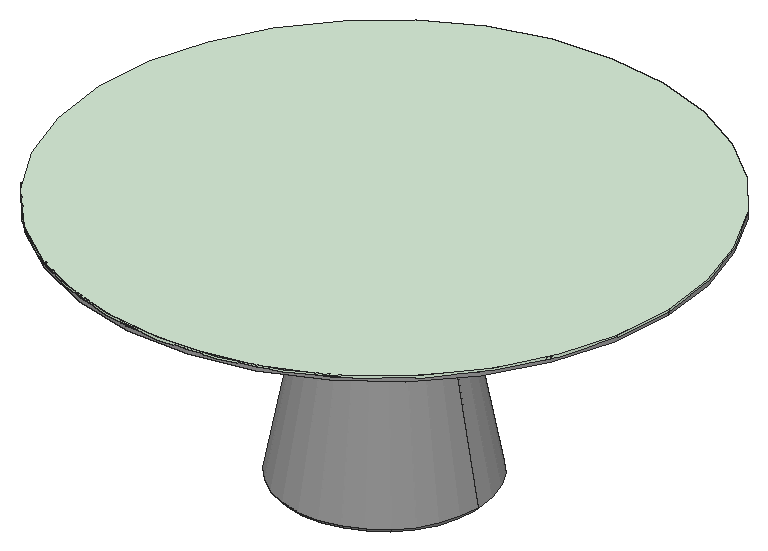
Revit family "Andreu World Reverse Lounge ME5536", category Mobiliario, Revit 2014
Parameters
  Width = 1500 mm
  URL = "http://www.andreuworld.com/"
  Referencia = "ME-5536"
  Top Material = Andreu World Lacquered
  Height = 650 mm  # constant formula
  Special Top = Glass Top
  Fabricante = "Andreu World"
  Descripción = "Table program available in different base types and tabletops. Central polyethylene bases available in various colors"
  D Base = if(Width < 1600 mm, 500 mm, 600 mm)  # 500 mm
  Base Material = Andreu World Thermo-polymer White
Reference planes
  plane 1 "Centro (Frontal/Posterior)": y = 0
  plane 2: z = 0
  plane 3 "Centro (Izquierda/Derecha)": x = 0
  plane 4: y = 750
  plane 5: y = -750
  plane 6: x = -750
  plane 7: x = 750
  plane 8 "High": z = 650
  plane 9: x = -250
  plane 10: x = 250
Forms (mm)
  Revolve 1, solid, material "Andreu World Thermo-polymer White" <- "Base Material", detail levels medium+fine
    sketch origin (0, 0, 0) x (1, 0, 0) y (0, 0, 1)
      loop
        line (0, 620) -> (0, 0) -> (237.791, 0) -> (250, 11.755) -> (166.5, 439) -> (166.5, 620) -> (0, 620)
      axis (0, 620) -> (0, 0)
    angle from 0 to 360
  Extrusion 2, solid, material "Andreu World Lacquered" <- "Top Material", detail levels medium+fine
    sketch origin (-0.012, 0, 0) x (1, 0, 0) y (0, 1, 0)
      loop
        circle (0.012, 0) r 750
    from 620 to 650
  Sweep 3, void
    path in 3D
      loop
        arc (750, 0, 650) -> (0, -750, 650) -> (-750, 0, 650) r 750
        arc (-750, 0, 650) -> (0, 750, 650) -> (750, 0, 650) r 750
    profile origin (0, 750, 650) x (0, 1, 0) y (0, 0, 1)
      loop
        line (0, -8) -> (-70, -30) -> (0, -30) -> (0, -8)
  Extrusion 4, solid, material "Glass Top" <- "Special Top"
    sketch origin (0, 0, 0) x (1, 0, 0) y (0, 1, 0)
      loop
        circle (0, 0) r 750
    from 650 to 655
Cuts and joins
  Sweep 3 cuts Extrusion 2
Lines and regions (mm)
  sketch lines
    curve 1: arc (-750, 0, 650) -> (0, 750, 650) -> (750, 0, 650) r 750
    curve 2: arc (750, 0, 650) -> (0, -750, 650) -> (-750, 0, 650) r 750
  model lines, detail levels coarse+medium
    curve 3: circle (0, 0, 0) r 750 normal (0, 0, 1)
Dimensions and locks
  equal spacing: plane 6, plane 3 "Centro (Izquierda/Derecha)", plane 7
  equal spacing: plane 4, plane 1 "Centro (Frontal/Posterior)", plane 5
  "Width": plane 6 to plane 7
  "Width": plane 4 to plane 5
  "Height": plane 8 "High" to level
  equal spacing: plane 10, plane 3 "Centro (Izquierda/Derecha)", plane 9
  "D Base": plane 10 to plane 9
  "Width": diameter of Extrusion 2 sketch curve
  "Width": diameter of curve 3
  "Width": diameter of Extrusion 4 sketch curve
  aligned and locked: level to plane 2
  aligned and locked: Revolve 1 sketch curve to plane 3 "Centro (Izquierda/Derecha)"
  aligned and locked: Revolve 1 sketch curve to level
  aligned and locked: plane 8 "High" to Extrusion 2
  aligned and locked: plane 8 "High" to Extrusion 4
Automatic sketch dimensions
  Revolve 1 sketch curve to plane 3 "Centro (Izquierda/Derecha)" = 0 mm
  Revolve 1 sketch curve to plane 10 = 0 mm
  Revolve 1 sketch curve to plane 10 = 83.5 mm
  Revolve 1 sketch curve to plane 10 = 12.209 mm
  level to Revolve 1 sketch curve = 11.755 mm
  Revolve 1 sketch curve to Revolve 1 sketch curve = 181 mm
  Revolve 1 sketch curve to level = 440.494 mm
  plane 8 "High" to Revolve 1 sketch curve = 1347.414 mm
  Revolve 1 sketch curve to plane 8 "High" = 211 mm
  Sweep 3 sketch curve to profile plane = 0 mm
  Sweep 3 sketch curve to profile plane = 30 mm
  profile plane to Sweep 3 sketch curve = 70 mm
  Sweep 3 sketch curve to profile plane = 8 mm
  plane 1 "Centro (Frontal/Posterior)" to curve 3 = 0 mm
  curve 3 to plane 3 "Centro (Izquierda/Derecha)" = 0 mm
  plane 1 "Centro (Frontal/Posterior)" to Extrusion 2 sketch curve = 0 mm
  Extrusion 2 sketch curve to plane 3 "Centro (Izquierda/Derecha)" = 0 mm
  plane 1 "Centro (Frontal/Posterior)" to Extrusion 4 sketch curve = 0 mm
  Extrusion 4 sketch curve to plane 3 "Centro (Izquierda/Derecha)" = 0 mm
